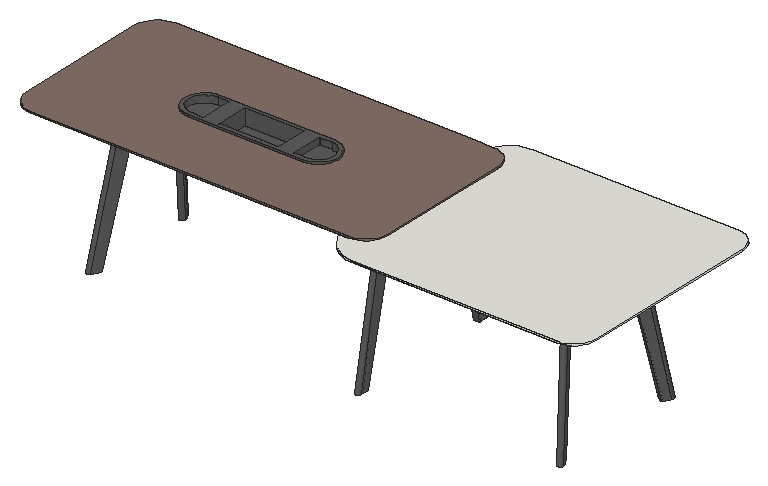
Revit family "Haworth_Immerse_OverlapTable_RectangleRectangle", category Furniture Systems, Revit 2018
Family settings
  Round Connector Dimension = Use Diameter
  Part Type = Normal
  OmniClass Number = 23.40.70.14.64.21
  OmniClass Title = Systems Furniture
  Work Plane-Based = No
  Always vertical = Yes
  Cut with Voids When Loaded = No
  Shared = No
  Room Calculation Point = No
Parameters (values of type "60d 78w 48d 96w 37h - Oblong Planter")
  Warranty = "http://www.haworth.com/resources/product-info/warranties"
  Void Baseline Height = 18"  # constant formula
  Upper Top Finish [instance] = Haworth _ Wood _ Walnut
  Understructure Finish [instance] = Haworth _ Paint _ Black
  URL - Product = "http://www.haworth.com/products/tables/collaborative/immerse"
  Standard Sizes = "60d 78w, 48d 96w"  # constant formula
  Standard Height = "29 in., 37.5 in."  # constant formula
  Size = "Verify Final Dim. w/ Haworth"  # constant formula
  Round Planter Void Height = 6"
  Planter Finish [instance] = Haworth _ Paint _ Black
  Oblong Planter Void Height = if(Oblong Planter, 22", 6")  # 22"
  Oblong Planter = yes
  Model = "THRR-60F6"
  URL = "https://www.haworth.com/na/en.html"
  Revision Number = "1"  # constant formula
  Manufacturer = "Haworth"  # constant formula
  Lower Top Finish [instance] = Haworth _ Paint _ Polar
  Leg Finish [instance] = Haworth _ Wood _ Ink On Ash
  Description = "Haworth Immerse Overlap Table Rectangle Rectangle - 60d 78w 48d 96w 37.5h - Oblong Planter"
  Author = "Haworth (Bentzen)"  # constant formula
  Assembly Code = "E2020200"
  Actual Width = 156"  # constant formula
  Actual Height = if([37.5 in. Height], 37 1/2", 29")  # 37 1/2"
  Actual Depth = 60"  # constant formula
  37.5 in. Height = yes
  29 in. Height = not([37.5 in. Height])  # no
Types (4): name | Oblong Planter Void Height | Oblong Planter | Description | Actual Height | 37.5 in. Height | 29 in. Height
  60d 78w 48d 96w 37h - No Planter | 6" | no | "Haworth Immerse Overlap Table Rectangle Rectangle - 60d 78w 48d 96w 37.5h- No Planter" | 37 1/2" | yes | no
  60d 78w 48d 96w 29h - Oblong Planter | 22" | yes | "Haworth Immerse Overlap Table Rectangle Rectangle - 60d 78w 48d 96w 29h - Oblong Planter" | 29" | no | yes
  60d 78w 48d 96w 29h - No Planter | 6" | no | "Haworth Immerse Overlap Table Rectangle Rectangle - 60d 78w 48d 96w 29h - No Planter" | 29" | no | yes
  60d 78w 48d 96w 37h - Oblong Planter | 22" | yes | "Haworth Immerse Overlap Table Rectangle Rectangle - 60d 78w 48d 96w 37.5h - Oblong Planter" | 37 1/2" | yes | no
Reference planes (in)
  plane 1 "Center F/B": y = 18.84134
  plane 2 "Floor": z = 0
  plane 3 "Center L/R": x = -40
  plane 4 "Table Edge Left": x = -118
  plane 5 "Table Edge Right": x = 38
  plane 6 "Table Edge Front": y = -11.15866
  plane 7 "Table Edge Back": y = 48.84134
  plane 8 "Rect Back": y = 42.84134
  plane 9 "Rect Front": y = -5.15866
  plane 10 "Rect Left": x = -13.5
  plane 11 "Top Radius": x = -22
  plane 12: y = 8.62865
  plane 13: y = 29.05403
  plane 14 "Round Center": x = -1.5
  plane 15: x = -28.84708
  plane 16: z = 38.68
  plane 17: z = 38.34709
  plane 18: z = 37.5
  plane 19: z = 34.75
  plane 20: z = 37.16709
  plane 21: z = 36.32
  plane 22: z = 33.5705
  plane 23: through (-29.85783, 45.23352, 48) normal (0.549, 0.8358, 0)
  plane 24: through (-39.4894, 30.50837, 48) normal (0.549, 0.8358, 0)
  plane 25: x = 32
  plane 26: y = 42.84134
  plane 27: y = 46.84134
  plane 28: y = -9.15866
  plane 29: x = -116
  plane 30: y = 40.84134
  plane 31: y = -3.15866
  plane 32: x = 19.9174
  plane 33: x = 18.37744
  plane 34: y = 29.42298
  plane 35: y = 27.88302
  plane 36: y = 8.2597
  plane 37: y = 9.79966
  plane 38: x = -26.91544
  plane 39: y = 26.76306
  plane 40: y = 25.22313
  plane 41: x = -99.40896
  plane 42: x = -97.869
  plane 43: y = 10.91962
  plane 44: y = 12.45955
  plane 45: z = 18.0705
  plane 46: z = 40.0705
  plane 47: x = -38
  plane 48: through (-33.04005, -1.50166, 48) normal (0.8369, 0.5474, 0)
  plane 49: through (-30.64805, 42.84134, 48) normal (-0.8369, 0.5474, 0)
  plane 50: x = 34
  plane 51: x = 36
Forms (in)
  Blend 1, solid, material "Haworth _ Wood _ Walnut" <- "Upper Top Finish"
    base sketch origin (0, 0, 33.52096) x (0, -1, 0) y (1, 0, 0)
      loop
        arc (-40.84134, -112) -> (-39.66977, -114.82843) -> (-36.84134, -116) r 4
        line (-36.84134, -116) -> (-0.84134, -116)
        arc (-0.84134, -116) -> (1.98709, -114.82843) -> (3.15866, -112) r 4
        line (3.15866, -112) -> (3.15866, -39.61809) -> (3.15866, -28)
        arc (3.15866, -28) -> (1.98709, -25.17157) -> (-0.84134, -24) r 4
        line (-0.84134, -24) -> (-12.14142, -24) -> (-34.1535, -24) -> (-36.84134, -24)
        arc (-36.84134, -24) -> (-39.66977, -25.17157) -> (-40.84134, -28) r 4
        line (-40.84134, -28) -> (-40.84134, -112)
    top sketch origin (0, 0, 29.82067) x (0, -1, 0) y (1, 0, 0)
      loop
        arc (-42.84134, -112) -> (-41.08398, -116.24264) -> (-36.84134, -118) r 6
        line (-36.84134, -118) -> (-0.84134, -118)
        arc (-0.84134, -118) -> (3.4013, -116.24264) -> (5.15866, -112) r 6
        line (5.15866, -112) -> (5.15866, -38.83857) -> (5.15866, -28)
        arc (5.15866, -28) -> (3.40188, -23.75741) -> (-0.84044, -22) r 5.9991
        line (-0.84044, -22) -> (-11.26323, -22) -> (-26.41945, -22) -> (-36.84134, -22)
        arc (-36.84134, -22) -> (-41.08398, -23.75736) -> (-42.84134, -28) r 6
        line (-42.84134, -28) -> (-42.84134, -38.83857) -> (-42.84134, -112)
    from 3.97904 to 8.52642
  Extrusion 2, solid, material "Haworth _ Paint _ Black" <- "Understructure Finish"
    sketch origin (0, 18.84134, 0) x (1, 0, 0) y (0, 0, 1)
      loop
        line (-97.869, 37.5) -> (-99.40896, 37.5) -> (-99.40896, 34.75) -> (-97.869, 34.75) -> (-97.869, 37.5)
    from -7.92172 to 7.92172
  Extrusion 3, solid, material "Haworth _ Paint _ Black" <- "Understructure Finish"
    sketch origin (-80.79883, 18.84134, 16.60222) x (-1, 0, 0) y (0, 0, -1)
      loop
        line (-99.17627, -16.96829) -> (-100.71623, -16.96829) -> (-100.71623, -19.71778) -> (-99.17627, -19.71778) -> (-99.17627, -16.96829)
    from -10.58164 to 10.58164
  Extrusion 4, solid, material "Haworth _ Paint _ Black" <- "Understructure Finish"
    sketch origin (3.75, 18.84134, 0) x (1, 0, 0) y (0, 0, 1)
      loop
        line (-32.59708, 37.5) -> (-101.619, 37.5) -> (-101.619, 34.75) -> (-32.59708, 34.75) -> (-32.59708, 37.5)
    from 6.38179 to 7.92172
  Extrusion 5, solid, material "Haworth _ Paint _ Black" <- "Understructure Finish"
    sketch origin (3.75, 18.84134, 0) x (1, 0, 0) y (0, 0, -1)
      loop
        line (-32.59708, -37.5) -> (-32.59708, -34.75) -> (-101.619, -34.75) -> (-101.619, -37.5) -> (-32.59708, -37.5)
    from 6.38179 to 7.92172
  Extrusion 6, solid, material "Haworth _ Paint _ Black" <- "Understructure Finish"
    sketch origin (-84.48968, 18.84134, 32.60222) x (-1, 0, 0) y (0, 0, -1)
      loop
        line (-57.57423, -0.96829) -> (-102.86712, -0.96829) -> (-102.86712, -3.71778) -> (-57.57423, -3.71778) -> (-57.57423, -0.96829)
    from -10.58164 to -9.04168
  Extrusion 7, solid, material "Haworth _ Paint _ Black" <- "Understructure Finish"
    sketch origin (-85.75, 18.84134, 6.75) x (-1, 0, 0) y (0, 0, 1)
      loop
        line (-58.83456, 29.57) -> (-104.12744, 29.57) -> (-104.12744, 26.8205) -> (-58.83456, 26.8205) -> (-58.83456, 29.57)
    from -10.58164 to -9.04168
  Extrusion 8, solid, material "Haworth _ Paint _ Polar" <- "Lower Top Finish"
    sketch origin (12.12143, -1.29359, 34.62986) x (0, -1, 0) y (1, 0, 0)
      loop
        arc (-50.13493, -34.41811) -> (-49.1528, -38.30961) -> (-46.43634, -41.26415) r 8.17173
        line (-46.43634, -41.26415) -> (-31.80196, -50.83635)
        arc (-31.80196, -50.83635) -> (-30.02316, -51.71099) -> (-28.08393, -52.12143) r 7.99999
        line (-28.08393, -52.12143) -> (-20.13493, -52.12143) -> (-12.18593, -52.12143)
        arc (-12.18593, -52.12143) -> (-10.2467, -51.71099) -> (-8.46791, -50.83635) r 7.99999
        line (-8.46791, -50.83635) -> (6.16648, -41.26415)
        arc (6.16648, -41.26415) -> (8.88293, -38.30961) -> (9.86507, -34.41811) r 8.17173
        line (9.86507, -34.41811) -> (9.86507, 19.87857)
        arc (9.86507, 19.87857) -> (8.10771, 24.12121) -> (3.86507, 25.87857) r 6
        line (3.86507, 25.87857) -> (-44.13493, 25.87857)
        arc (-44.13493, 25.87857) -> (-48.37757, 24.12121) -> (-50.13493, 19.87857) r 6
        line (-50.13493, 19.87857) -> (-50.13493, -34.41811)
    from 2.53723 to 2.87014
  Blend 9, solid, material "Haworth _ Paint _ Polar" <- "Lower Top Finish"
    base sketch origin (280.14116, 102.66468, 0) x (1, 0, 0) y (0, 1, 0)
      loop
        arc (-244.14116, -61.82334) -> (-245.89852, -57.5807) -> (-250.14116, -55.82334) r 6
        line (-250.14116, -55.82334) -> (-302.53806, -55.82334)
        arc (-302.53806, -55.82334) -> (-305.38719, -56.54296) -> (-307.55289, -58.52921) r 5.99998
        line (-307.55289, -58.52921) -> (-317.18446, -73.25437)
        arc (-317.18446, -73.25437) -> (-317.81355, -74.50931) -> (-318.14116, -75.87434) r 6.14003
        line (-318.14116, -75.87434) -> (-318.14116, -83.82334) -> (-318.14116, -91.77234)
        arc (-318.14116, -91.77234) -> (-317.81355, -93.13738) -> (-317.18446, -94.39232) r 6.14003
        line (-317.18446, -94.39232) -> (-307.55289, -109.11748)
        arc (-307.55289, -109.11748) -> (-305.38719, -111.10372) -> (-302.53806, -111.82334) r 5.99998
        line (-302.53806, -111.82334) -> (-250.14116, -111.82334)
        arc (-250.14116, -111.82334) -> (-245.89852, -110.06598) -> (-244.14116, -105.82334) r 6
        line (-244.14116, -105.82334) -> (-244.14116, -61.82334)
    top sketch origin (280.14116, 102.66468, 0) x (1, 0, 0) y (0, 1, 0)
      loop
        arc (-242.14116, -59.82334) -> (-243.89852, -55.5807) -> (-248.14116, -53.82334) r 6
        line (-248.14116, -53.82334) -> (-302.22723, -53.82334)
        arc (-302.22723, -53.82334) -> (-306.26351, -54.84281) -> (-309.33159, -57.65665) r 8.5
        line (-309.33159, -57.65665) -> (-318.85608, -72.15633)
        arc (-318.85608, -72.15633) -> (-319.73071, -73.93511) -> (-320.14116, -75.87434) r 7.99999
        line (-320.14116, -75.87434) -> (-320.14116, -83.82334) -> (-320.14116, -91.77234)
        arc (-320.14116, -91.77234) -> (-319.73071, -93.71158) -> (-318.85608, -95.49037) r 7.99999
        line (-318.85608, -95.49037) -> (-309.23304, -110.20248)
        arc (-309.23304, -110.20248) -> (-306.34375, -112.86014) -> (-302.53803, -113.82334) r 8
        line (-302.53803, -113.82334) -> (-248.14116, -113.82334)
        arc (-248.14116, -113.82334) -> (-243.89852, -112.06598) -> (-242.14116, -107.82334) r 6
        line (-242.14116, -107.82334) -> (-242.14116, -59.82334)
    from 36.32 to 37.16709
  Extrusion 10, solid, material "Haworth _ Paint _ Black" <- "Understructure Finish"
    sketch origin (61.28851, 18.84134, 6.75) x (1, 0, 0) y (0, 0, 1)
      loop
        line (-88.20396, 26.8205) -> (-88.20396, 29.57) -> (-90.13559, 29.57) -> (-90.13559, 26.8205) -> (-88.20396, 26.8205)
    from -10.58164 to 10.58164
  Extrusion 11, solid, material "Haworth _ Wood _ Walnut" <- "Upper Top Finish"
    sketch origin (0, 0, 0) x (1, 0, 0) y (0, 1, 0)
      loop
        arc (-112, 42.84134) -> (-116.24264, 41.08398) -> (-118, 36.84134) r 6
        line (-118, 36.84134) -> (-118, 0.84134)
        arc (-118, 0.84134) -> (-116.24264, -3.4013) -> (-112, -5.15866) r 6
        line (-112, -5.15866) -> (-38.83857, -5.15866) -> (-27.9991, -5.15866)
        arc (-27.9991, -5.15866) -> (-23.7571, -3.40156) -> (-22, 0.84044) r 5.9991
        line (-22, 0.84044) -> (-22, 11.26323) -> (-22, 26.41945) -> (-22, 36.84134)
        arc (-22, 36.84134) -> (-23.75736, 41.08398) -> (-28, 42.84134) r 6
        line (-28, 42.84134) -> (-31.58521, 42.84134) -> (-38.83857, 42.84134) -> (-112, 42.84134)
    from 38.34709 to 38.68
  Extrusion 12, void
    sketch origin (-0.22974, -0.30696, 0) x (-1, 0, 0) y (0, -1, 0)
      loop
        arc (85.01794, -24.26185) -> (90.13434, -19.14545) -> (85.01794, -14.02906) r 5.1164
        line (85.01794, -14.02906) -> (54.87871, -14.02906)
        arc (54.87871, -14.02906) -> (49.76232, -19.14545) -> (54.87871, -24.26185) r 5.1164
        line (54.87871, -24.26185) -> (85.01794, -24.26185)
    from 18.0705 to 40.0705
  Blend 13, solid, material "Haworth _ Wood _ Ink On Ash" <- "Leg Finish"
    base sketch origin (62.67319, -9.54411, 28.95891) x (-0.5, -0.866025, 0) y (0.866025, -0.5, 0)
      loop
        line (5.12742, -102.50965) -> (4.35163, -101.16596) -> (2.36615, -102.31228)
        arc (2.36615, -102.31228) -> (2.08219, -103.37202) -> (3.14193, -103.65598) r 0.77578
        line (3.14193, -103.65598) -> (5.12742, -102.50965)
    top sketch origin (62.67319, -9.54411, 28.95891) x (-0.5, -0.866025, 0) y (0.866025, -0.5, 0)
      loop
        line (11.55301, -97.01006) -> (8.65973, -98.68048)
        arc (8.65973, -98.68048) -> (8.37606, -99.73915) -> (9.43473, -100.02283) r 0.775
        line (9.43473, -100.02283) -> (12.32801, -98.35239) -> (11.55301, -97.01006)
    from -28.95891 to 7.36109
  Blend 14, solid, material "Haworth _ Wood _ Ink On Ash" <- "Leg Finish"
    base sketch origin (62.67319, 47.22679, 28.95891) x (0.5, -0.866025, 0) y (0.866025, 0.5, 0)
      loop
        line (-5.12742, -102.50965) -> (-3.14193, -103.65598)
        arc (-3.14193, -103.65598) -> (-2.08219, -103.37202) -> (-2.36615, -102.31228) r 0.77578
        line (-2.36615, -102.31228) -> (-4.35163, -101.16596) -> (-5.12742, -102.50965)
    top sketch origin (62.67319, 47.22679, 28.95891) x (0.5, -0.866025, 0) y (0.866025, 0.5, 0)
      loop
        line (-11.55301, -97.01006) -> (-12.32801, -98.35239) -> (-9.43473, -100.02283)
        arc (-9.43473, -100.02283) -> (-8.37606, -99.73915) -> (-8.65973, -98.68048) r 0.775
        line (-8.65973, -98.68048) -> (-11.55301, -97.01006)
    from -28.95891 to 7.36109
  Blend 15, solid, material "Haworth _ Wood _ Ink On Ash" <- "Leg Finish"
    base sketch origin (77.55884, -50.74114, 28.95891) x (-0.866025, -0.5, 0) y (0.5, -0.866025, 0)
      loop
        line (5.12742, -102.50965) -> (4.35163, -101.16596) -> (2.36615, -102.31228)
        arc (2.36615, -102.31228) -> (2.08219, -103.37202) -> (3.14193, -103.65598) r 0.77578
        line (3.14193, -103.65598) -> (5.12742, -102.50965)
    top sketch origin (77.55884, -50.74114, 28.95891) x (-0.866025, -0.5, 0) y (0.5, -0.866025, 0)
      loop
        line (11.55301, -97.01006) -> (8.65973, -98.68048)
        arc (8.65973, -98.68048) -> (8.37606, -99.73915) -> (9.43473, -100.02283) r 0.775
        line (9.43473, -100.02283) -> (12.32801, -98.35239) -> (11.55301, -97.01006)
    from -28.95891 to 7.36109
  Blend 16, solid, material "Haworth _ Wood _ Ink On Ash" <- "Leg Finish"
    base sketch origin (77.55884, 88.42383, 28.95891) x (0.866025, -0.5, 0) y (0.5, 0.866025, 0)
      loop
        line (-5.12742, -102.50965) -> (-3.14193, -103.65598)
        arc (-3.14193, -103.65598) -> (-2.08219, -103.37202) -> (-2.36615, -102.31228) r 0.77578
        line (-2.36615, -102.31228) -> (-4.35163, -101.16596) -> (-5.12742, -102.50965)
    top sketch origin (77.55884, 88.42383, 28.95891) x (0.866025, -0.5, 0) y (0.5, 0.866025, 0)
      loop
        line (-11.55301, -97.01006) -> (-12.32801, -98.35239) -> (-9.43473, -100.02283)
        arc (-9.43473, -100.02283) -> (-8.37606, -99.73915) -> (-8.65973, -98.68048) r 0.775
        line (-8.65973, -98.68048) -> (-11.55301, -97.01006)
    from -28.95891 to 7.36109
  Blend 17, solid, material "Haworth _ Wood _ Ink On Ash" <- "Leg Finish"
    base sketch origin (-0.18778, 37.16364, 28.95891) x (0, -1, 0) y (1, 0, 0)
      loop
        line (5.12742, -102.50965) -> (4.35163, -101.16596) -> (2.36615, -102.31228)
        arc (2.36615, -102.31228) -> (2.08219, -103.37202) -> (3.14193, -103.65598) r 0.77578
        line (3.14193, -103.65598) -> (5.12742, -102.50965)
    top sketch origin (-0.18778, 37.16364, 28.95891) x (0, -1, 0) y (1, 0, 0)
      loop
        line (11.55301, -97.01006) -> (8.65973, -98.68048)
        arc (8.65973, -98.68048) -> (8.37606, -99.73915) -> (9.43473, -100.02283) r 0.775
        line (9.43473, -100.02283) -> (12.32801, -98.35239) -> (11.55301, -97.01006)
    from -28.95891 to 8.54109
  Blend 18, solid, material "Haworth _ Wood _ Ink On Ash" <- "Leg Finish"
    base sketch origin (-0.18778, 0.51905, 28.95891) x (0, -1, 0) y (1, 0, 0)
      loop
        line (-5.12742, -102.50965) -> (-3.14193, -103.65598)
        arc (-3.14193, -103.65598) -> (-2.08219, -103.37202) -> (-2.36615, -102.31228) r 0.77578
        line (-2.36615, -102.31228) -> (-4.35163, -101.16596) -> (-5.12742, -102.50965)
    top sketch origin (-0.18778, 0.51905, 28.95891) x (0, -1, 0) y (1, 0, 0)
      loop
        line (-11.55301, -97.01006) -> (-12.32801, -98.35239) -> (-9.43473, -100.02283)
        arc (-9.43473, -100.02283) -> (-8.37606, -99.73915) -> (-8.65973, -98.68048) r 0.775
        line (-8.65973, -98.68048) -> (-11.55301, -97.01006)
    from -28.95891 to 8.54109
Cuts and joins
  Extrusion 12 cuts Extrusion 11
  Extrusion 12 cuts Blend 1
Lines and regions (in)
  Masking region 1
    outline origin (-23.46582, 58.34576, 0) x (1, 0, 0) y (0, 1, 0)
      loop
        line (-94.53418, -21.50442) -> (-94.53418, -57.50442)
        arc (-94.53418, -57.50442) -> (-92.77682, -61.74706) -> (-88.53418, -63.50442) r 6
        line (-88.53418, -63.50442) -> (-15.37274, -63.50442) -> (-7.18223, -63.50442) -> (-5.38126, -66.25782)
        arc (-5.38126, -66.25782) -> (-2.48627, -68.64824) -> (1.16915, -69.50442) r 8.23141
        line (1.16915, -69.50442) -> (55.46582, -69.50442)
        arc (55.46582, -69.50442) -> (59.70846, -67.74706) -> (61.46582, -63.50442) r 6
        line (61.46582, -63.50442) -> (61.46582, -15.50442)
        arc (61.46582, -15.50442) -> (59.70846, -11.26178) -> (55.46582, -9.50442) r 6
        line (55.46582, -9.50442) -> (1.1608, -9.50442)
        arc (1.1608, -9.50442) -> (-2.72367, -10.48697) -> (-5.6738, -13.19828) r 8.16983
        line (-5.6738, -13.19828) -> (-7.18409, -15.50442) -> (-16.67312, -15.50442) -> (-88.53418, -15.50442)
        arc (-88.53418, -15.50442) -> (-92.77682, -17.26178) -> (-94.53418, -21.50442) r 6
  symbolic lines, style "Haworth"
    curve 1: line (-22, 0.84134, 0) -> (-22, 36.84134, 0)
    curve 2: arc (-22, 0.84134, 0) -> (-23.75736, -3.4013, 0) -> (-28, -5.15866, 0) r 6
    curve 36: line (-28, -5.15866, 0) -> (-31.42253, -5.15866, 0)
    curve 37: arc (-22, 36.84134, 0) -> (-23.75736, 41.08398, 0) -> (-28, 42.84134, 0) r 6
    curve 38: line (-28, 42.84134, 0) -> (-31.42253, 42.84134, 0)
  symbolic lines, style "Haworth Hidden", detail levels fine
    curve 3: line (-97.60338, 26.76306, 0) -> (-28.89148, 26.76306, 0)
    curve 4: line (-28.84708, 29.42298, 0) -> (-28.89148, 29.42298, 0)
    curve 5: line (-28.89148, 26.76306, 0) -> (-28.89148, 41.04977, 0)
    curve 6: line (-26.89148, 29.42298, 0) -> (17.95631, 29.42298, 0)
    curve 7: line (17.95631, 29.42298, 0) -> (23.56588, 38.8695, 0)
    curve 8: line (25.29786, 37.86953, 0) -> (19.9174, 28.55032, 0)
    curve 9: line (19.9174, 28.55032, 0) -> (19.9174, 9.13237, 0)
    curve 10: line (19.9174, 9.13237, 0) -> (25.29172, -0.17623, 0)
    curve 11: line (23.55967, -1.17623, 0) -> (18.11183, 8.2597, 0)
    curve 12: line (18.11183, 8.2597, 0) -> (-26.89148, 8.2597, 0)
    curve 13: line (-28.89148, -3.37972, 0) -> (-28.89148, 10.91962, 0)
    curve 14: line (-28.89148, 10.91962, 0) -> (-97.60338, 10.91962, 0)
    curve 15: line (-97.60338, 10.91962, 0) -> (-103.05123, 1.48366, 0)
    curve 16: line (-104.78328, 2.48366, 0) -> (-99.40829, 11.79344, 0)
    curve 17: line (-99.40829, 11.79344, 0) -> (-99.40829, 25.88027, 0)
    curve 18: line (-99.40829, 25.88027, 0) -> (-104.78349, 35.19938, 0)
    curve 19: line (-103.05144, 36.19938, 0) -> (-97.60338, 26.76306, 0)
    curve 20: line (-97.869, 25.22313, 0) -> (-28.84708, 25.22313, 0)
    curve 21: line (-28.84708, 25.22313, 0) -> (-28.84708, 12.45955, 0)
    curve 22: line (-28.84708, 12.45955, 0) -> (-97.869, 12.45955, 0)
    curve 23: line (-97.869, 12.45955, 0) -> (-97.869, 25.22313, 0)
    curve 24: arc (-104.78349, 35.19938, 0) -> (-104.41746, 36.56541, 0) -> (-103.05144, 36.19938, 0) r 1
    curve 25: arc (-104.78328, 2.48366, 0) -> (-104.41726, 1.11764, 0) -> (-103.05123, 1.48366, 0) r 1
    curve 26: line (-26.89148, 41.04977, 0) -> (-26.89148, 29.42298, 0)
    curve 27: arc (-28.89148, 41.04977, 0) -> (-27.89148, 42.04977, 0) -> (-26.89148, 41.04977, 0) r 1
    curve 28: line (-26.91544, 27.88302, 0) -> (-26.91544, 9.79966, 0)
    curve 29: line (-26.91544, 9.79966, 0) -> (18.37744, 9.79966, 0)
    curve 30: line (18.37744, 9.79966, 0) -> (18.37744, 27.88302, 0)
    curve 31: line (18.37744, 27.88302, 0) -> (-26.91544, 27.88302, 0)
    curve 32: arc (25.29172, -0.17623, 0) -> (24.9257, -1.54225, 0) -> (23.55967, -1.17623, 0) r 1
    curve 33: line (-26.89148, 8.2597, 0) -> (-26.89148, -3.37972, 0)
    curve 34: arc (-28.89148, -3.37972, 0) -> (-27.89148, -4.37972, 0) -> (-26.89148, -3.37972, 0) r 1
    curve 35: arc (23.56588, 38.8695, 0) -> (24.93185, 39.23551, 0) -> (25.29786, 37.86953, 0) r 0.99996
  symbolic lines, style "Haworth Hidden"
    curve 39: line (-30.64805, 42.84134, 0) -> (-38.71492, 30.50837, 0)
    curve 40: arc (-38.71492, 30.50837, 0) -> (-39.58771, 28.72894, 0) -> (-40, 26.79034, 0) r 8.062
    curve 41: line (-40, 26.79034, 0) -> (-40, 18.84134, 0)
    curve 42: line (-30.64805, -5.15866, 0) -> (-38.71492, 7.17432, 0)
    curve 43: arc (-38.71492, 7.17432, 0) -> (-39.58771, 8.95374, 0) -> (-40, 10.89234, 0) r 8.062
    curve 44: line (-40, 10.89234, 0) -> (-40, 18.84134, 0)
Dimensions and locks (in)
  "Actual Depth": plane 7 "Table Edge Back" to plane 6 "Table Edge Front"
  equal spacing: plane 7 "Table Edge Back", plane 1 "Center F/B", plane 6 "Table Edge Front"
  plane 9 "Rect Front" to plane 1 "Center F/B" to plane 8 "Rect Back" = 24", 24"
  plane 4 "Table Edge Left" to plane 11 "Top Radius" = 96"  (x2)
  plane 4 "Table Edge Left" to plane 5 "Table Edge Right" = 156"
  plane 3 "Center L/R" to plane 5 "Table Edge Right" = 78"
  plane 4 "Table Edge Left" to plane 3 "Center L/R" to plane 5 "Table Edge Right" = 78", 78"
  plane 16 to plane 17 to plane 18 to plane 20 to plane 21 to plane 19 to plane 22 = 0.33291" locked, 0.84709" locked, 0.33291" locked, 0.84709" locked, 1.57" locked, 1.1795" locked
  "Actual Height": plane 18 to plane 2 "Floor"
  plane 25 to plane 5 "Table Edge Right" = 6"
  plane 7 "Table Edge Back" to plane 27 = 2"
  plane 4 "Table Edge Left" to plane 29 = 2"
  "Oblong Planter Void Height": plane 46 to plane 45
  plane 3 "Center L/R" to plane 47 = 2"
  plane 4 "Table Edge Left" to plane 3 "Center L/R" = 78"
  plane 51 to plane 5 "Table Edge Right" = 2"
  aligned and locked: Extrusion 4 to plane 15
  aligned and locked: Extrusion 7 to plane 22
  aligned and locked: Extrusion 6 to plane 22
  aligned and locked: plane 21 to Extrusion 7
  aligned and locked: Extrusion 6 to Extrusion 7
  aligned and locked: Extrusion 3 to plane 22
  aligned and locked: Extrusion 3 to Extrusion 6
  aligned and locked: Blend 9 to plane 21
  aligned and locked: plane 20 to Blend 9
  aligned and locked: Extrusion 10 to Extrusion 6
  aligned and locked: Extrusion 4 to plane 19
  aligned and locked: Extrusion 5 to plane 19
  aligned and locked: plane 18 to Extrusion 4
  aligned and locked: plane 18 to Extrusion 5
  aligned and locked: cut or joined group of Extrusion 11, Extrusion 12 to plane 17
  aligned and locked: plane 16 to cut or joined group of Extrusion 11, Extrusion 12
  aligned and locked: nested 1 to plane 16
  aligned and locked: Extrusion 2 to plane 19
  aligned and locked: plane 18 to Extrusion 2
  aligned and locked: plane 15 to Extrusion 10
  aligned and locked: plane 34 to Extrusion 10
  aligned and locked: Extrusion 10 to plane 36
  aligned and locked: Extrusion 7 to plane 38
  aligned and locked: plane 36 to Extrusion 7
  aligned and locked: Extrusion 7 to plane 37
  aligned and locked: plane 33 to Extrusion 7
  aligned and locked: plane 32 to Extrusion 3
  aligned and locked: plane 36 to Extrusion 3
  aligned and locked: Extrusion 3 to plane 33
  aligned and locked: plane 34 to Extrusion 3
  aligned and locked: plane 33 to Extrusion 6
  aligned and locked: Extrusion 6 to plane 38
  aligned and locked: plane 34 to Extrusion 6
  aligned and locked: Extrusion 6 to plane 35
  aligned and locked: level to Blend 13
  aligned and locked: plane 21 to Blend 13
  aligned and locked: nested 2 to plane 21
  aligned and locked: Blend 14 to level
  aligned and locked: level to Blend 15
  aligned and locked: Blend 16 to level
  aligned and locked: plane 21 to Blend 14
  aligned and locked: plane 21 to nested 3
  aligned and locked: plane 21 to Blend 16
  aligned and locked: plane 21 to Blend 15
  aligned and locked: plane 21 to nested 5
  aligned and locked: nested 4 to plane 21
  aligned and locked: Extrusion 5 to plane 39
  aligned and locked: Extrusion 5 to plane 42
  aligned and locked: Extrusion 5 to plane 40
  aligned and locked: Extrusion 4 to plane 44
  aligned and locked: Extrusion 4 to plane 43
  aligned and locked: Extrusion 4 to plane 42
  aligned and locked: Extrusion 2 to plane 41
  aligned and locked: Extrusion 2 to plane 43
  aligned and locked: plane 42 to Extrusion 2
  aligned and locked: plane 39 to Extrusion 2
  aligned and locked: level to Blend 17
  aligned and locked: Blend 18 to level
  aligned and locked: plane 18 to nested 7
  aligned and locked: nested 6 to plane 18
  aligned and locked: plane 18 to Blend 18
  aligned and locked: plane 18 to Blend 17
  aligned and locked: nested 1 to plane 1 "Center F/B"
  aligned and locked: plane 46 to Extrusion 12
  aligned and locked: Extrusion 12 to plane 45
  aligned and locked: cut or joined group of Extrusion 11, Extrusion 12 to plane 4 "Table Edge Left"
  aligned and locked: Blend 9 sketch curve to Extrusion 8
  aligned and locked: Blend 1 to plane 18
  aligned and locked: plane 17 to Blend 1
  aligned and locked: Extrusion 8 to plane 20
  aligned and locked: plane 18 to Extrusion 8
  aligned and locked: Masking region 1 to plane 4 "Table Edge Left"
  aligned and locked: plane 8 "Rect Back" to Masking region 1
  aligned and locked: plane 7 "Table Edge Back" to Masking region 1
  aligned and locked: Masking region 1 sketch curve to plane 6 "Table Edge Front"
  aligned and locked: plane 9 "Rect Front" to Masking region 1
  aligned and locked: Extrusion 8 to plane 48
  aligned and locked: Masking region 1 to plane 48
  aligned and locked: plane 49 to Masking region 1
  aligned and locked: plane 8 "Rect Back" to cut or joined group of Extrusion 11, Extrusion 12
  aligned and locked: plane 9 "Rect Front" to cut or joined group of Extrusion 11, Extrusion 12
  aligned and locked: plane 11 "Top Radius" to cut or joined group of Extrusion 11, Extrusion 12
  aligned and locked: Extrusion 5 to plane 15
  aligned and locked: plane 38 to Extrusion 10
  aligned and locked: plane 7 "Table Edge Back" to Blend 9 sketch curve
  aligned and locked: plane 27 to Blend 9 sketch curve
  aligned and locked: Blend 9 sketch curve to plane 51
Automatic sketch dimensions
  curve 22 to plane 42 = 0"
  curve 15 to plane 43 = 0"
  curve 19 to plane 39 = 0"
  curve 40 to plane 3 "Center L/R" = 0"
  plane 9 "Rect Front" to curve 36 = 0"
  curve 38 to plane 8 "Rect Back" = 0"
  curve 4 to plane 34 = 0"
  curve 4 to plane 15 = 0"
  curve 21 to plane 15 = 0"
  curve 31 to plane 35 = 0"
  curve 31 to plane 38 = 0"
  plane 36 to curve 12 = 0"
  curve 26 to plane 34 = 0"
  curve 1 to plane 11 "Top Radius" = 0"
  curve 30 to plane 33 = 0"
  curve 10 to plane 32 = 0"
  curve 29 to plane 37 = 0"
  curve 22 to plane 44 = 0"
  plane 1 "Center F/B" to curve 41 = 0"
  curve 20 to plane 40 = 0"
  plane 41 to curve 17 = 0.00068"
  curve 15 to plane 41 = 3.64227"
  curve 19 to plane 41 = 3.64247"
  curve 25 to curve 15 = 0.86603"
  curve 24 to curve 19 = 0.86603"
  curve 16 to curve 25 = 0.86603"
  curve 18 to curve 24 = 0.86603"
  plane 42 to curve 15 = 17/64"
  plane 42 to curve 19 = 17/64"
  curve 39 to plane 47 = 0.71492"
  curve 42 to plane 47 = 0.71492"
  curve 40 to plane 39 = 0.66776"
  plane 15 to curve 40 = 3.12094"
  curve 43 to plane 43 = 0.66776"
  plane 15 to curve 43 = 3.12094"
  plane 15 to curve 5 = 0.0444"
  plane 15 to curve 14 = 0.04439"
  curve 38 to plane 15 = 0.84708"
  curve 36 to plane 15 = 0.84708"
  plane 30 to curve 27 = 0.20843"
  curve 27 to plane 15 = 0.9556"
  plane 31 to curve 34 = 0.22106"
  curve 34 to plane 15 = 0.9556"
  curve 7 to plane 33 = 0.42113"
  curve 12 to plane 33 = 17/64"
  plane 32 to curve 11 = 3.64227"
  plane 32 to curve 7 = 3.64847"
  curve 32 to curve 32 = 0.86602"
  curve 7 to curve 35 = 0.86599"
  curve 10 to plane 31 = 2.98243"
  curve 32 to curve 10 = 0.86603"
  curve 8 to plane 30 = 2.97181"
  curve 35 to curve 8 = 0.86599"
  curve 11 to plane 31 = 1.98243"
  curve 15 to plane 31 = 4.64232"
  curve 15 to curve 25 = 1/2"
  curve 42 to curve 43 = 4.41307"
  curve 9 to plane 12 = 0.50372"
  plane 44 to curve 16 = 0.66612"
  plane 40 to curve 18 = 0.65714"
  plane 39 to curve 41 = 0.02728"
  curve 9 to plane 13 = 0.50372"
  curve 18 to plane 30 = 5.64196"
  curve 24 to curve 24 = 1/2"
  curve 8 to curve 35 = 1/2"
  plane 15 to curve 36 = 2.57545"
  plane 15 to curve 38 = 2.57545"
  curve 38 to curve 39 = 0.77448"
  curve 36 to curve 42 = 0.77448"
  Blend 1 sketch curve to plane 30 = 0"
  Blend 1 sketch curve to plane 29 = 0"
  plane 31 to Blend 1 sketch curve = 0"
  plane 29 to Blend 1 sketch curve = 4"  (x3)
  Blend 1 sketch curve to plane 30 = 4"
  Blend 1 sketch curve to Blend 1 sketch curve = 2.68784"
  plane 44 to Blend 1 sketch curve = 0.31813"
  Blend 1 sketch curve to plane 31 = 4"  (x2)
  plane 3 "Center L/R" to Blend 1 sketch curve = 0.38191"
  Blend 1 sketch curve to plane 8 "Rect Back" = 0"
  Blend 1 sketch curve to plane 4 "Table Edge Left" = 0"
  Blend 1 sketch curve to plane 11 "Top Radius" = 0"
  plane 9 "Rect Front" to Blend 1 sketch curve = 0"
  Blend 1 sketch curve to plane 15 = 0.84708"  (x3)
  Blend 1 sketch curve to plane 39 = 0.3436"
  Blend 1 sketch curve to plane 43 = 0.3436"
  Blend 1 sketch curve to plane 31 = 3.9991"
  Blend 1 sketch curve to plane 47 = 0.83857"  (x2)
  Extrusion 2 sketch curve to plane 18 = 0"
  Extrusion 2 sketch curve to plane 41 = 0"
  plane 42 to Extrusion 2 sketch curve = 0"
  Extrusion 2 sketch curve to plane 19 = 0"
  Extrusion 3 sketch curve to plane 22 = 0"
  Extrusion 3 sketch curve to plane 32 = 0"
  plane 33 to Extrusion 3 sketch curve = 0"
  Extrusion 3 sketch curve to plane 21 = 0"
  Extrusion 4 sketch curve to plane 18 = 0"
  Extrusion 4 sketch curve to plane 42 = 0"
  Extrusion 4 sketch curve to plane 15 = 0"
  Extrusion 4 sketch curve to plane 19 = 0"
  Extrusion 5 sketch curve to plane 18 = 0"
  Extrusion 5 sketch curve to plane 42 = 0"
  Extrusion 5 sketch curve to plane 15 = 0"
  Extrusion 5 sketch curve to plane 19 = 0"
  Extrusion 6 sketch curve to plane 22 = 0"
  Extrusion 6 sketch curve to plane 33 = 0"
  Extrusion 6 sketch curve to plane 38 = 0"
  Extrusion 6 sketch curve to plane 21 = 0"
  Extrusion 7 sketch curve to plane 21 = 0"
  Extrusion 7 sketch curve to plane 33 = 0"
  Extrusion 7 sketch curve to plane 38 = 0"
  Extrusion 7 sketch curve to plane 22 = 0"
  plane 15 to Extrusion 10 sketch curve = 0"
  Extrusion 10 sketch curve to plane 22 = 0"
  Extrusion 10 sketch curve to plane 21 = 0"
  plane 38 to Extrusion 10 sketch curve = 0"
  plane 4 "Table Edge Left" to Extrusion 11 sketch curve = 0"
  plane 8 "Rect Back" to Extrusion 11 sketch curve = 0"
  plane 9 "Rect Front" to Extrusion 11 sketch curve = 0"
  plane 11 "Top Radius" to Extrusion 11 sketch curve = 0"
  plane 29 to Extrusion 11 sketch curve = 4"  (x2)
  Extrusion 11 sketch curve to plane 47 = 0.83857"  (x2)
  plane 15 to Extrusion 11 sketch curve = 2.73813"
  Extrusion 11 sketch curve to plane 15 = 0.84708"
  Extrusion 11 sketch curve to plane 15 = 0.84798"  (x2)
  Extrusion 11 sketch curve to plane 43 = 0.3436"
  Extrusion 11 sketch curve to plane 39 = 0.3436"
  Extrusion 12 sketch curve to plane 40 = 1.26824"
  Extrusion 12 sketch curve to plane 44 = 1.26254"
  plane 42 to Extrusion 12 sketch curve = 12.62132"
  Blend 13 sketch curve to plane 38 = 0.19947"
  Blend 13 sketch curve to plane 30 = 1.27845"
  Blend 13 sketch curve to Blend 13 sketch curve = 0.38789"  (x2)
  Blend 13 sketch curve to Blend 13 sketch curve = 1.98549"
  Blend 13 sketch curve to Blend 13 sketch curve = 0.77578"
  Blend 13 sketch curve to Blend 13 sketch curve = 0.19737"
  Blend 13 sketch curve to plane 38 = 0.20103"
  plane 34 to Blend 13 sketch curve = 2.8736"
  Blend 13 sketch curve to Blend 13 sketch curve = 0.3875"  (x2)
  Blend 13 sketch curve to Blend 13 sketch curve = 2.89328"
  Blend 13 sketch curve to Blend 13 sketch curve = 0.775"
  Blend 13 sketch curve to Blend 13 sketch curve = 0.67117"
  Blend 13 sketch curve to Blend 13 sketch curve = 1.67043"
  Blend 13 sketch curve to Blend 13 sketch curve = 1.34233"
  Blend 14 sketch curve to plane 15 = 0.1806"  (x2)
  Blend 14 sketch curve to plane 31 = 3.5711"
  Blend 14 sketch curve to Blend 14 sketch curve = 0.77578"
  Blend 14 sketch curve to Blend 14 sketch curve = 1.98549"
  Blend 14 sketch curve to Blend 14 sketch curve = 0.38789"  (x2)
  Blend 14 sketch curve to Blend 14 sketch curve = 0.47447"
  Blend 14 sketch curve to plane 12 = 0.09832"
  Blend 14 sketch curve to Blend 14 sketch curve = 0.775"
  Blend 14 sketch curve to Blend 14 sketch curve = 2.89328"
  Blend 14 sketch curve to Blend 14 sketch curve = 0.3875"  (x2)
  Blend 14 sketch curve to Blend 14 sketch curve = 0.32809"
  Blend 14 sketch curve to Blend 14 sketch curve = 0.67117"
  Blend 14 sketch curve to Blend 14 sketch curve = 1.34233"
  Blend 15 sketch curve to plane 30 = 4.16052"
  plane 32 to Blend 15 sketch curve = 4.43615"
  Blend 15 sketch curve to Blend 15 sketch curve = 0.38789"  (x2)
  Blend 15 sketch curve to Blend 15 sketch curve = 1.98549"
  Blend 15 sketch curve to Blend 15 sketch curve = 0.77578"
  Blend 15 sketch curve to Blend 15 sketch curve = 0.19737"
  plane 32 to Blend 15 sketch curve = 0.80164"
  plane 34 to Blend 15 sketch curve = 0.96581"
  Blend 15 sketch curve to Blend 15 sketch curve = 0.3875"  (x2)
  Blend 15 sketch curve to Blend 15 sketch curve = 2.89328"
  Blend 15 sketch curve to Blend 15 sketch curve = 0.775"
  Blend 15 sketch curve to Blend 15 sketch curve = 0.67117"
  Blend 15 sketch curve to Blend 15 sketch curve = 1.67043"
  Blend 15 sketch curve to Blend 15 sketch curve = 1.34233"
  plane 32 to Blend 16 sketch curve = 1.94613"
  Blend 16 sketch curve to plane 31 = 5.37023"
  Blend 16 sketch curve to Blend 16 sketch curve = 0.77578"
  Blend 16 sketch curve to Blend 16 sketch curve = 1.98549"
  Blend 16 sketch curve to Blend 16 sketch curve = 0.38789"  (x2)
  Blend 16 sketch curve to Blend 16 sketch curve = 0.47447"
  plane 37 to Blend 16 sketch curve = 0.3875"
  Blend 16 sketch curve to plane 33 = 0.67117"
  Blend 16 sketch curve to Blend 16 sketch curve = 0.775"
  Blend 16 sketch curve to Blend 16 sketch curve = 2.89328"
  Blend 16 sketch curve to Blend 16 sketch curve = 0.3875"  (x2)
  Blend 16 sketch curve to Blend 16 sketch curve = 0.32809"
  Blend 16 sketch curve to Blend 16 sketch curve = 0.67117"
  Blend 16 sketch curve to Blend 16 sketch curve = 1.34233"
  plane 34 to Blend 17 sketch curve = 5.37451"
  Blend 17 sketch curve to Blend 17 sketch curve = 0.38789"  (x2)
  Blend 17 sketch curve to Blend 17 sketch curve = 1.98549"
  Blend 17 sketch curve to Blend 17 sketch curve = 0.77578"
  Blend 17 sketch curve to plane 41 = 4.43479"
  Blend 17 sketch curve to Blend 17 sketch curve = 0.67185"
  Blend 17 sketch curve to plane 13 = 0.55013"
  plane 35 to Blend 17 sketch curve = 0.23338"
  Blend 17 sketch curve to plane 35 = 0.15412"
  plane 40 to Blend 17 sketch curve = 0.3875"
  Blend 17 sketch curve to plane 40 = 0.3875"
  Blend 17 sketch curve to plane 41 = 0.80164"
  Blend 17 sketch curve to plane 41 = 0.13047"
  Blend 17 sketch curve to plane 42 = 0.67117"
  plane 42 to Blend 17 sketch curve = 0.67117"
  plane 36 to Blend 18 sketch curve = 2.61324"
  Blend 18 sketch curve to plane 41 = 1.94477"
  Blend 18 sketch curve to Blend 18 sketch curve = 0.77578"
  Blend 18 sketch curve to plane 41 = 4.43479"
  Blend 18 sketch curve to Blend 18 sketch curve = 1.98549"
  Blend 18 sketch curve to Blend 18 sketch curve = 0.38789"
  Blend 18 sketch curve to plane 41 = 3.0911"
  Blend 18 sketch curve to plane 44 = 0.3875"
  plane 44 to Blend 18 sketch curve = 0.3875"
  Blend 18 sketch curve to plane 37 = 0.15412"
  plane 37 to Blend 18 sketch curve = 0.23338"
  Blend 18 sketch curve to plane 12 = 0.55013"
  Blend 18 sketch curve to plane 41 = 0.80164"
  Blend 18 sketch curve to plane 41 = 0.13047"
  Blend 18 sketch curve to plane 42 = 0.67117"
  plane 42 to Blend 18 sketch curve = 0.67117"
  Extrusion 8 sketch curve to plane 7 "Table Edge Back" = 0"
  plane 8 "Rect Back" to Extrusion 8 sketch curve = 0"
  Extrusion 8 sketch curve to plane 3 "Center L/R" = 0"
  plane 1 "Center F/B" to Extrusion 8 sketch curve = 0"
  plane 9 "Rect Front" to Extrusion 8 sketch curve = 0"
  Extrusion 8 sketch curve to plane 6 "Table Edge Front" = 0"
  Extrusion 8 sketch curve to plane 30 = 0.17173"
  plane 34 to Extrusion 8 sketch curve = 1.08538"
  plane 39 to Extrusion 8 sketch curve = 0.02728"
  Extrusion 8 sketch curve to plane 39 = 0.64687"
  Extrusion 8 sketch curve to plane 43 = 0.64687"
  plane 43 to Extrusion 8 sketch curve = 0.02728"
  Extrusion 8 sketch curve to plane 47 = 0.71492"
  Extrusion 8 sketch curve to Extrusion 8 sketch curve = 3.71803"
  Extrusion 8 sketch curve to plane 31 = 0.17173"
  plane 3 "Center L/R" to Extrusion 8 sketch curve = 1.28508"
  plane 15 to Extrusion 8 sketch curve = 0.29564"  (x3)
  Extrusion 8 sketch curve to Extrusion 8 sketch curve = 0"
  Extrusion 8 sketch curve to plane 49 = 0"
  Extrusion 8 sketch curve to plane 48 = 0"
  Extrusion 8 sketch curve to Extrusion 8 sketch curve = 6.83873"  (x2)
  Extrusion 12 sketch curve to plane 3 "Center L/R" = 15.10845"
  Extrusion 8 sketch curve to plane 25 = 0"
  Masking region 1 sketch curve to plane 4 "Table Edge Left" = 0"
  Masking region 1 sketch curve to plane 8 "Rect Back" = 0"
  plane 9 "Rect Front" to Masking region 1 sketch curve = 0"
  Masking region 1 sketch curve to plane 48 = 0"  (x2)
  Masking region 1 sketch curve to plane 49 = 0"
  Masking region 1 sketch curve to plane 15 = 0"
  Masking region 1 sketch curve to plane 7 "Table Edge Back" = 0"
  plane 8 "Rect Back" to Masking region 1 sketch curve = 0"
  Masking region 1 sketch curve to plane 25 = 0"  (x2)
  plane 29 to Masking region 1 sketch curve = 4"  (x2)
  Masking region 1 sketch curve to plane 3 "Center L/R" = 0.13894"
  Masking region 1 sketch curve to plane 47 = 0.83857"
  plane 15 to Masking region 1 sketch curve = 1.80284"
  plane 15 to Masking region 1 sketch curve = 0.29254"
  Masking region 1 sketch curve to plane 30 = 0.16983"
  Masking region 1 sketch curve to plane 31 = 0.23141"
  Blend 9 sketch curve to plane 47 = 0"
  Blend 9 sketch curve to plane 28 = 0"
  Blend 9 sketch curve to plane 30 = 0"
  plane 31 to Blend 9 sketch curve = 0"  (x3)
  plane 1 "Center F/B" to Blend 9 sketch curve = 0"  (x2)
  Blend 9 sketch curve to plane 34 = 0.01266"
  plane 47 to Blend 9 sketch curve = 0.9567"  (x2)
  Blend 9 sketch curve to plane 36 = 0.01266"
  Blend 9 sketch curve to plane 39 = 0.71374"
  plane 15 to Blend 9 sketch curve = 3.05777"  (x2)
  Blend 9 sketch curve to plane 43 = 0.71374"
  Blend 9 sketch curve to plane 38 = 0.49629"  (x2)
  Blend 9 sketch curve to plane 11 "Top Radius" = 0.3969"  (x2)
  plane 30 to Blend 9 sketch curve = 0"
  Blend 9 sketch curve to plane 3 "Center L/R" = 0"
  Blend 9 sketch curve to plane 48 = 0"  (x2)
  Blend 9 sketch curve to plane 6 "Table Edge Front" = 0"
  plane 8 "Rect Back" to Blend 9 sketch curve = 0"
  Blend 9 sketch curve to plane 25 = 0"
  Blend 9 sketch curve to plane 47 = 0.71492"  (x2)
  Blend 9 sketch curve to plane 39 = 0.64687"
  plane 15 to Blend 9 sketch curve = 3.18138"
  Blend 9 sketch curve to plane 43 = 0.64687"
  plane 3 "Center L/R" to Blend 9 sketch curve = 7.97154"
  plane 15 to Blend 9 sketch curve = 0.34335"
  plane 15 to Blend 9 sketch curve = 0.2448"
  Blend 9 sketch curve to plane 11 "Top Radius" = 0.08607"
  plane 39 to Blend 9 sketch curve = 0.02728"
  Blend 9 sketch curve to plane 30 = 1/2"
Nested families (in)
  nested 1: "Haworth_Immerse_Planter_Oblong" at (-29.64834, 30, 9.18002), Planter Finish <- "Planter Finish", visible <- "Oblong Planter", type "EHPO"
    with Planter Finish Haworth _ Paint _ Black
  nested 2: "Haworth_Immerse_Support_Part" at (12.60852, 47.80696, 8.08359) x (1, 0, 0) z (0, 0, 1), Understructure Finish <- "Understructure Finish", type "Support"
    with Understructure Finish Haworth _ Paint _ Black
  nested 3: "Haworth_Immerse_Support_Part" at (12.60852, -10.12428, 8.08359) x (1, 0, 0) z (0, 0, 1), Understructure Finish <- "Understructure Finish", type "Support"
    with Understructure Finish Haworth _ Paint _ Black
  nested 4: "Haworth_Immerse_Support_Part" at (62.8771, 23.95868, 8.08359) x (0.866, -0.5, 0) z (0, 0, 1), Understructure Finish <- "Understructure Finish", type "Support"
    with Understructure Finish Haworth _ Paint _ Black
  nested 5: "Haworth_Immerse_Support_Part" at (62.8771, 13.724, 8.08359) x (0.866, 0.5, 0) z (0, 0, 1), Understructure Finish <- "Understructure Finish", type "Support"
    with Understructure Finish Haworth _ Paint _ Black
  nested 6: "Haworth_Immerse_Support_Part" at (-72.22059, 61.79879, 9.26359) x (0.866, 0.5, 0) z (0, 0, 1), Understructure Finish <- "Understructure Finish", type "Support"
    with Understructure Finish Haworth _ Paint _ Black
  nested 7: "Haworth_Immerse_Support_Part" at (-72.22059, -24.11611, 9.26359) x (0.866, -0.5, 0) z (0, 0, 1), Understructure Finish <- "Understructure Finish", type "Support"
    with Understructure Finish Haworth _ Paint _ Black
Definition of nested family "Haworth_Immerse_Planter_Oblong"
  Parameters
    Warranty = "http://www.haworth.com/product-info/warranties"
    URL - Product = "http://www.haworth.com/products/tables/collaborative/immerse"
    Planter Finish [instance] = none
    Model = "EHPO"
    URL = "http://www.haworth.com/"
    Revision Number = "1"  # constant formula
    Manufacturer = "Haworth"  # constant formula
    Description = "Haworth Immerse Planter Oblong"
    Author = "Haworth (Hampton)"  # constant formula
    Assembly Code = "E2020200"
  Reference planes (in)
    plane 1 "Floor": z = 0
    plane 2 "Center L/R": x = -40.5
    plane 3 "Center": y = -11.15866
    plane 4 "Surface Top": z = 29.49998
    plane 5 "Side Bottom": z = 27.99998
    plane 6: x = -60.875
    plane 7: x = -20.125
    plane 8: y = -5.88828
    plane 9: y = -16.42904
    plane 10 "Center Bottom": z = 25.548
    plane 11 "Planter Top": z = 30.24998
  Forms (in)
    Extrusion 1, solid, material <- "Planter Finish"
      sketch origin (0, 0, 35.87445) x (0, -1, 0) y (1, 0, 0)
        loop
          line (5.88828, -25.4095) -> (5.88828, -55.5905)
          arc (5.88828, -55.5905) -> (11.15866, -60.86088) -> (16.42904, -55.5905) r 5.27038
          line (16.42904, -55.5905) -> (16.42904, -25.4095)
          arc (16.42904, -25.4095) -> (11.15866, -20.13912) -> (5.88828, -25.4095) r 5.27038
      from -6.37446 to -5.93901
    Extrusion 2, solid, material <- "Planter Finish"
      sketch origin (0, 0, 35.87445) x (0, -1, 0) y (1, 0, 0)
        loop
          arc (15.3122, -29.08454) -> (15.75414, -28.90148) -> (15.9372, -28.45954) r 0.625
          line (15.9372, -28.45954) -> (15.9372, -25.41)
          arc (15.9372, -25.41) -> (11.15866, -20.63146) -> (6.38012, -25.41) r 4.77854
          line (6.38012, -25.41) -> (6.38012, -28.45954)
          arc (6.38012, -28.45954) -> (6.56318, -28.90148) -> (7.00512, -29.08454) r 0.625
          line (7.00512, -29.08454) -> (15.3122, -29.08454)
        loop
          line (15.3122, -51.91546) -> (7.00512, -51.91546)
          arc (7.00512, -51.91546) -> (6.56318, -52.09852) -> (6.38012, -52.54046) r 0.625
          line (6.38012, -52.54046) -> (6.38012, -55.59)
          arc (6.38012, -55.59) -> (11.15866, -60.36854) -> (15.9372, -55.59) r 4.77854
          line (15.9372, -55.59) -> (15.9372, -52.54046)
          arc (15.9372, -52.54046) -> (15.75414, -52.09852) -> (15.3122, -51.91546) r 0.625
      from -7.87446 to -6.37446
    Extrusion 3, solid, material <- "Planter Finish"
      sketch origin (0, 0, 35.87445) x (0, -1, 0) y (1, 0, 0)
        loop
          line (15.9372, -48.21154) -> (15.9372, -32.78846)
          arc (15.9372, -32.78846) -> (15.75414, -32.34652) -> (15.3122, -32.16346) r 0.625
          line (15.3122, -32.16346) -> (7.00512, -32.16346)
          arc (7.00512, -32.16346) -> (6.56318, -32.34652) -> (6.38012, -32.78846) r 0.625
          line (6.38012, -32.78846) -> (6.38012, -48.21154)
          arc (6.38012, -48.21154) -> (6.56318, -48.65348) -> (7.00512, -48.83654) r 0.625
          line (7.00512, -48.83654) -> (15.3122, -48.83654)
          arc (15.3122, -48.83654) -> (15.75414, -48.65348) -> (15.9372, -48.21154) r 0.625
      from -10.32645 to -6.37446
    Extrusion 4, void
      sketch origin (0, 0, 35.87445) x (0, -1, 0) y (1, 0, 0)
        loop
          arc (7.00512, -52.41546) -> (6.91673, -52.45207) -> (6.88012, -52.54046) r 0.125
          line (6.88012, -52.54046) -> (6.88012, -55.59)
          arc (6.88012, -55.59) -> (11.15866, -59.86854) -> (15.4372, -55.59) r 4.27854
          line (15.4372, -55.59) -> (15.4372, -52.54046)
          arc (15.4372, -52.54046) -> (15.40059, -52.45207) -> (15.3122, -52.41546) r 0.125
          line (15.3122, -52.41546) -> (7.00512, -52.41546)
        loop
          line (7.00512, -28.58454) -> (15.3122, -28.58454)
          arc (15.3122, -28.58454) -> (15.40059, -28.54793) -> (15.4372, -28.45954) r 0.125
          line (15.4372, -28.45954) -> (15.4372, -25.41)
          arc (15.4372, -25.41) -> (11.15866, -21.13146) -> (6.88012, -25.41) r 4.27854
          line (6.88012, -25.41) -> (6.88012, -28.45954)
          arc (6.88012, -28.45954) -> (6.91673, -28.54793) -> (7.00512, -28.58454) r 0.125
      from -7.67122 to -5.62446
    Extrusion 5, void
      sketch origin (0, 0, 35.87445) x (0, -1, 0) y (1, 0, 0)
        loop
          arc (15.4372, -32.78846) -> (15.40059, -32.70007) -> (15.3122, -32.66346) r 0.125
          line (15.3122, -32.66346) -> (7.00512, -32.66346)
          arc (7.00512, -32.66346) -> (6.91673, -32.70007) -> (6.88012, -32.78846) r 0.125
          line (6.88012, -32.78846) -> (6.88012, -48.21154)
          arc (6.88012, -48.21154) -> (6.91673, -48.29993) -> (7.00512, -48.33654) r 0.125
          line (7.00512, -48.33654) -> (15.3122, -48.33654)
          arc (15.3122, -48.33654) -> (15.40059, -48.29993) -> (15.4372, -48.21154) r 0.125
          line (15.4372, -48.21154) -> (15.4372, -32.78846)
      from -10.07019 to -5.62446
  Cuts and joins
    Extrusion 4, Extrusion 5 cuts Extrusion 1
    Extrusion 4 cuts Extrusion 2
    Extrusion 5 cuts Extrusion 3
    joined: Extrusion 1, Extrusion 2, Extrusion 3
  Lines and regions (in)
    Masking region 1
      outline origin (0, 0, 35.87445) x (0, -1, 0) y (1, 0, 0)
        loop
          arc (5.88828, -55.5905) -> (11.15866, -60.86088) -> (16.42904, -55.5905) r 5.27038
          line (16.42904, -55.5905) -> (16.42904, -25.4095)
          arc (16.42904, -25.4095) -> (11.15866, -20.13912) -> (5.88828, -25.4095) r 5.27038
          line (5.88828, -25.4095) -> (5.88828, -55.5905)
  Dimensions and locks (in)
    aligned and locked: plane 4 "Surface Top" to Extrusion 1
    aligned and locked: Extrusion 2 to plane 5 "Side Bottom"
    aligned and locked: Extrusion 2 to plane 4 "Surface Top"
    aligned and locked: plane 10 "Center Bottom" to Extrusion 3
    aligned and locked: Extrusion 3 to plane 4 "Surface Top"
    aligned and locked: Extrusion 4 to plane 11 "Planter Top"
Definition of nested family "Haworth_Immerse_Support_Part"
  Parameters
    Warranty = "http://www.haworth.com/product-info/warranties"
    Understructure Finish [instance] = none
    URL - Product = "http://www.haworth.com/products/tables/collaborative/immerse"
    Model = ""
    URL = "http://www.haworth.com/"
    Revision Number = "1"  # constant formula
    Manufacturer = "Haworth"  # constant formula
    Description = "Haworth_Immerse_Support_Part"
    Author = "Haworth (Hampton)"  # constant formula
    Assembly Code = "E2020200"
    Actual Width = 138"  # constant formula
    Actual Height = 36 1/4"  # constant formula
    Actual Depth = 60"  # constant formula
  Reference planes (in)
    plane 1 "Floor": z = 0
    plane 2 "Center L/R": x = -40.5
    plane 3 "Table Edge Front": y = -11.15866
    plane 4 "Rect Top": z = 29.49998
    plane 5 "Rect Mid": z = 29.12443
    plane 6 "Rect Bottom": z = 28.31193
    plane 7: x = -40.5
    plane 8: x = -41.5
    plane 9: x = -41.25
    plane 10: x = -39.5
    plane 11: x = -39.75
  Forms (in)
    Extrusion 1, solid, material <- "Understructure Finish"
      sketch origin (0, 0, 35.87445) x (0, -1, 0) y (1, 0, 0)
        loop
          line (-18.38399, -41.5) -> (-6.75474, -41.5)
          arc (-6.75474, -41.5) -> (-5.75474, -40.5) -> (-6.75474, -39.5) r 1
          line (-6.75474, -39.5) -> (-18.38399, -39.5) -> (-18.38399, -41.5)
      from -10.10998 to -7.63804
    Extrusion 2, void
      sketch origin (-37.39844, 0, 0) x (0, 0, 1) y (0, -1, 0)
        loop
          line (25.60768, -18.68942) -> (27.79043, -5.30688) -> (25.54043, -5.30688) -> (25.54043, -18.68942) -> (25.60768, -18.68942)
      from -6.31779 to 0.64844
    Extrusion 3, void
      sketch origin (0, 0, 35.87445) x (0, -1, 0) y (1, 0, 0)
        loop
          line (-18.13399, -39.75) -> (-18.13399, -41.25) -> (-6.75474, -41.25)
          arc (-6.75474, -41.25) -> (-6.00474, -40.5) -> (-6.75474, -39.75) r 0.75
          line (-6.75474, -39.75) -> (-18.13399, -39.75)
      from -11.52859 to -7.87446
  Cuts and joins
    Extrusion 2, Extrusion 3 cuts Extrusion 1
  Dimensions and locks (in)
    Extrusion 3 to plane 2 "Center L/R" = 3/4"
